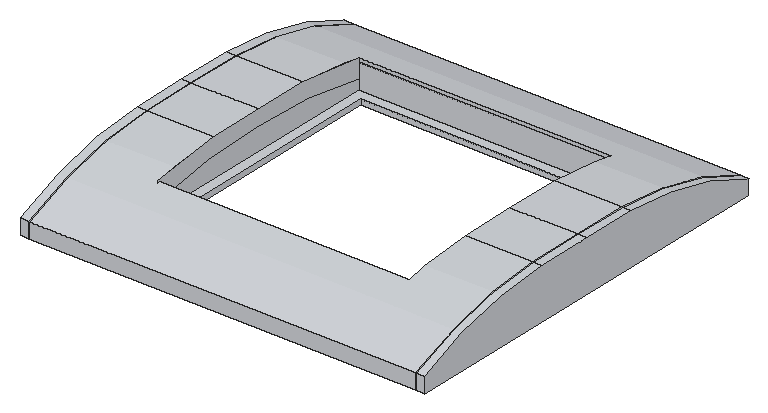
Revit family "Gira_0211736", category Electrical Fixtures, host Face, Revit 2017
Family settings
  Host = Face
  Maintain Annotation Orientation = No
  Round Connector Dimension = Use Diameter
  Part Type = Normal
  Cut with Voids When Loaded = No
  Shared = No
  Room Calculation Point = No
Parameters (values of type "Cov.fr. 1-g interm.fr. CAl Gira Event Clear black")
  URL = "http://katalog.gira.de/en/datenblatt.html?artikelnr=0211736"
  Transparent = "No"
  Name = "Cov.fr. 1-g interm.fr. CAl Gira Event Clear black"
  Manufacturer URL = "https://www.gira.de/"
  Manufacturer = "Gira"
  Label space/information surface = "No"
  Keynote = ""
  HeinzeBIM = "https://bimportal.heinze.de/bim/cov-fr-1-g-interm-fr-cal-gira-event-clear-black/5fe04a374d988cd3795b77502df59caacc304e46"
  HAN = "0211736"
  GTIN = "4010337068853"
  Description = "Cov.fr.1g i.fr.CAl EvCl BK,Gira Event Clear cover frame,black with colour aluminium intermediate frame,1-gang,Features:,- Shatter-proof."
  Default Elevation = 1219.2 mm
  Data sheet (1) = "https://katalog.gira.de/en/download.html?artikelnr=0211736"
  Category = "Cover frame for domestic switching devices"
  BIM (1) = "https://media.stage.bim.site/public/gira/36a6b08/Event_Rahmen_1fach.rfa"
  Available = "No"
Reference planes
  plane 1 "Center (Front/Back)": y = 0
  plane 2: z = 0
  plane 3 "Center (Left/Right)": x = 0
Forms (mm)
  Extrusion 1, solid, detail levels fine
    sketch origin (0, 0, 1.55) x (0, 1, 0) y (0, 0, 1)
      loop
        arc (12.445, 9.683) -> (6.223, 9.833) -> (0, 9.85) r 291.636
        arc (0, 9.85) -> (-6.223, 9.833) -> (-12.445, 9.683) r 291.636
        arc (-12.445, 9.683) -> (-29.14, 7.482) -> (-45, 1.823) r 79.728
        line (-45, 1.823) -> (-45, -1.55) -> (-41.777, -1.55) -> (-41.777, -0.55)
        arc (-41.777, -0.55) -> (-21.205, 4.846) -> (0, 6.467) r 118.15
        arc (0, 6.467) -> (21.205, 4.846) -> (41.777, -0.55) r 118.15
        line (41.777, -0.55) -> (41.777, -1.55) -> (45, -1.55) -> (45, 1.823)
        arc (45, 1.823) -> (29.14, 7.482) -> (12.445, 9.683) r 79.728
    from -43 to 43
  Extrusion 2, void, detail levels fine
    sketch origin (0, 0, 0) x (1, 0, 0) y (0, 1, 0)
      loop
        line (-28, -28) -> (28, -28) -> (28, 28) -> (-28, 28) -> (-28, -28)
    from 2.85 to 12
  Extrusion 3, solid, detail levels coarse
    sketch origin (0, 0, 0) x (1, 0, 0) y (0, 1, 0)
      loop
        line (-45, 45) -> (-45, -45) -> (45, -45) -> (45, 45) -> (-45, 45)
    from 0 to 11.4
  Extrusion 4, solid, detail levels medium
    sketch origin (0, 0, 1.55) x (0, 1, 0) y (0, 0, 1)
      loop
        arc (12.445, 9.683) -> (6.223, 9.833) -> (0, 9.85) r 291.636
        arc (0, 9.85) -> (-6.223, 9.833) -> (-12.445, 9.683) r 291.636
        arc (-12.445, 9.683) -> (-29.14, 7.482) -> (-45, 1.823) r 79.728
        line (-45, 1.823) -> (-45, -1.55) -> (45, -1.55) -> (45, 1.823)
        arc (45, 1.823) -> (29.14, 7.482) -> (12.445, 9.683) r 79.728
    from -45 to 45
  Extrusion 5, solid, detail levels fine
    sketch origin (0, 0, 0) x (0, 1, 0) y (0, 0, 1)
      loop
        arc (45, 3.373) -> (29.14, 9.032) -> (12.445, 11.233) r 79.728
        arc (12.445, 11.233) -> (6.223, 11.383) -> (0, 11.4) r 291.636
        arc (0, 11.4) -> (-6.223, 11.383) -> (-12.445, 11.233) r 291.636
        arc (-12.445, 11.233) -> (-29.14, 9.032) -> (-45, 3.373) r 79.728
        line (-45, 3.373) -> (-45, 0) -> (45, 0) -> (45, 3.373)
    from 43 to 45
  Extrusion 6, solid, detail levels fine
    sketch origin (0, 0, 0) x (0, 1, 0) y (0, 0, -1)
      loop
        line (45, -3.373) -> (45, 0) -> (-45, 0) -> (-45, -3.373)
        arc (-45, -3.373) -> (-29.14, -9.032) -> (-12.445, -11.233) r 79.728
        arc (-12.445, -11.233) -> (-6.223, -11.383) -> (0, -11.4) r 291.636
        arc (0, -11.4) -> (6.223, -11.383) -> (12.445, -11.233) r 291.636
        arc (12.445, -11.233) -> (29.14, -9.032) -> (45, -3.373) r 79.728
    from 43 to 45
  Extrusion 7, solid, detail levels fine
    sketch origin (0, 0, 0) x (1, 0, 0) y (0, 1, 0)
      loop
        line (-25.7, 25.7) -> (-25.7, -25.7) -> (25.7, -25.7) -> (25.7, 25.7) -> (-25.7, 25.7)
      loop
        line (-29.495, 27.895) -> (-29.495, -27.895)
        spline (-29.495, -27.895) -> (-29.486, -28.025) -> (-29.461, -28.154) -> (-29.419, -28.278) -> (-29.361, -28.395) -> (-29.288, -28.504) -> (-29.202, -28.602) -> (-29.104, -28.688) -> (-28.995, -28.761) -> (-28.878, -28.819) -> (-28.754, -28.861) -> (-28.625, -28.886) -> (-28.495, -28.895)
        line (-28.495, -28.895) -> (28.495, -28.895)
        spline (28.495, -28.895) -> (28.625, -28.886) -> (28.754, -28.861) -> (28.878, -28.819) -> (28.995, -28.761) -> (29.104, -28.688) -> (29.202, -28.602) -> (29.288, -28.504) -> (29.361, -28.395) -> (29.419, -28.278) -> (29.461, -28.154) -> (29.486, -28.025) -> (29.495, -27.895)
        line (29.495, -27.895) -> (29.495, 27.895)
        spline (29.495, 27.895) -> (29.486, 28.025) -> (29.461, 28.154) -> (29.419, 28.278) -> (29.361, 28.395) -> (29.288, 28.504) -> (29.202, 28.602) -> (29.104, 28.688) -> (28.995, 28.761) -> (28.878, 28.819) -> (28.754, 28.861) -> (28.625, 28.886) -> (28.495, 28.895)
        line (28.495, 28.895) -> (-28.495, 28.895)
        spline (-28.495, 28.895) -> (-28.625, 28.886) -> (-28.754, 28.861) -> (-28.878, 28.819) -> (-28.995, 28.761) -> (-29.104, 28.688) -> (-29.202, 28.602) -> (-29.288, 28.504) -> (-29.361, 28.395) -> (-29.419, 28.278) -> (-29.461, 28.154) -> (-29.486, 28.025) -> (-29.495, 27.895)
    from 1.673 to 8.5
Cuts and joins
  Extrusion 2 cuts Extrusion 1
  Extrusion 2 cuts Extrusion 7
Dimensions and locks
  aligned and locked: plane 2 to host face
  aligned and locked: level to host face
